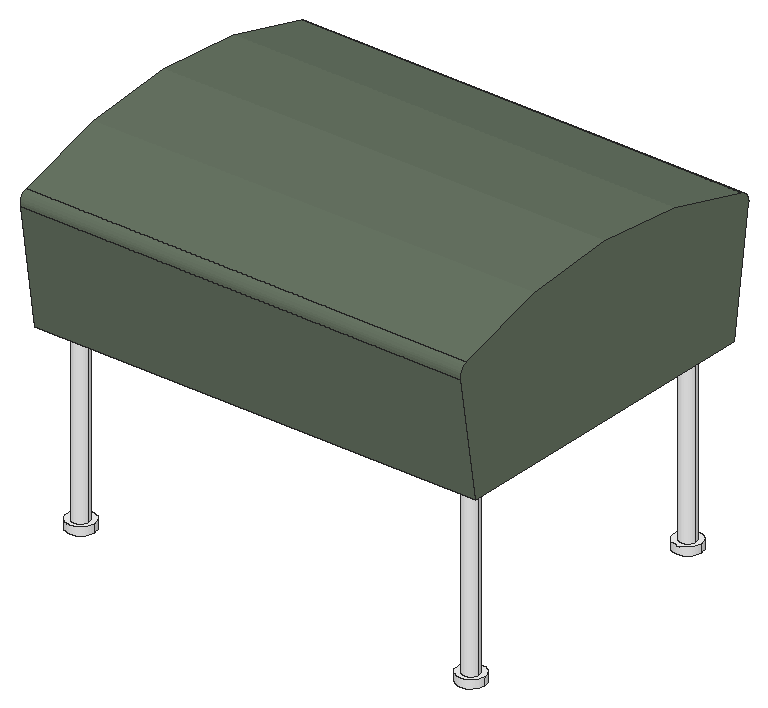
Revit family "FU_Inspec_Cinema_8-1", category Furniture, Revit 2020
Family settings
  OmniClass Number = 23.40.20.00
  OmniClass Title = General Furniture and Specialties
  Work Plane-Based = No
  Always vertical = Yes
  Cut with Voids When Loaded = No
  Shared = No
  Room Calculation Point = No
Parameters (values of type "Fabric/Paint")
  URL = "https://inspecfurniture.com/product-details/cinema-8-1/"
  Seat Material = Fabric - Green
  Model = "Cinema 8.1"  # constant formula
  Manufacturer = "Inspec"  # constant formula
  Keynote = "46.B"
  Frame Material = Metal - White - Matte
  Description = "Upholstered footstool with wood base in molded highly resilient polyurethane foam and powder coated or chromium plated steel tubular legs."
  Default Elevation = 0 mm
  Content Author = "AEC AB"  # constant formula
  Assembly Code = "E2020"
Types (2, lengths in mm): name | Seat Material | Frame Material
  Fabric/Paint | Fabric - Green | Metal - White - Matte
  Leather/Chrome | Leather - Rustical - Black | Metal - Chrome - Polished
Reference planes
  plane 1 "Center (Front/Back)": y = 0
  plane 2: z = 0
  plane 3 "Center (Left/Right)": x = 0
  plane 4 "Ref_Seat_Height": z = 420
  plane 5: x = -260
  plane 6: x = 260
  plane 7: y = 211.848
  plane 8: y = -211.848
Forms (mm)
  Extrusion 1, solid, material "Fabric - Green" <- "Seat Material"
    sketch origin (0, 0, 5) x (0, 1, 0) y (0, 0, 1)
      loop
        line (189.963, 209) -> (211.676, 346.092)
        arc (211.676, 346.092) -> (209.979, 355.271) -> (202.89, 361.343) r 14
        arc (202.89, 361.343) -> (0, 399.141) -> (-202.89, 361.343) r 563.438
        arc (-202.89, 361.343) -> (-209.979, 355.271) -> (-211.676, 346.092) r 14
        line (-211.676, 346.092) -> (-189.963, 209) -> (189.963, 209)
    from -260 to 260
  Extrusion 2, solid, material "Metal - White - Matte" <- "Frame Material"
    sketch origin (0, 0, 0) x (1, 0, 0) y (0, 1, 0)
      loop
        circle (-230.142, 159.914) r 16
      loop
        circle (-230.142, -159.914) r 16
      loop
        circle (230.142, 159.914) r 16
      loop
        circle (230.142, -159.914) r 16
    from 0 to 9
  Extrusion 3, solid, material "Metal - White - Matte" <- "Frame Material"
    sketch origin (0, 0, 0) x (1, 0, 0) y (0, 1, 0)
      loop
        circle (-230.043, 160.006) r 9.5
      loop
        circle (-230.043, -160.006) r 9.5
      loop
        circle (230.043, 160.006) r 9.5
      loop
        circle (230.043, -160.006) r 9.5
    from 5 to 220
Cuts and joins
  joined: Extrusion 2, Extrusion 3
Lines and regions (mm)
  Masking region 1
    outline origin (0, 0, 420) x (0, 1, 0) y (-1, 0, 0)
      loop
        line (211.848, 260) -> (-211.848, 260) -> (-211.848, -260) -> (211.848, -260) -> (211.848, 260)
Dimensions and locks
  aligned and locked: level to plane 2
